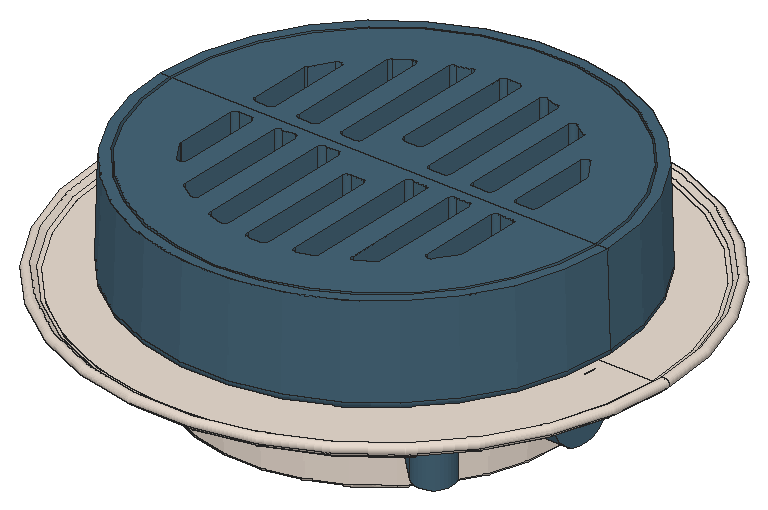
Revit family "Drain_Floor_Heavy_Duty-Zurn-FD2350", category Plumbing Fixtures, Revit 2022
Family settings
  Round Connector Dimension = Use Radius
  Part Type = Normal
  OmniClass Number = 23.45.55.21
  OmniClass Title = Drains (Wastes)
  Work Plane-Based = No
  Always vertical = Yes
  Cut with Voids When Loaded = No
  Maintain Annotation Orientation = No
  Shared = No
  Room Calculation Point = No
Parameters (values of type "FD2350-AB2-2 Inch Outlet")
  Width = 11.438"  # constant formula
  Waste Connection = 0 = 0  # yes
  WFU = 1  # constant formula
  Vent Connection = 0 = 1  # no
  URL = "www.zurn.com"
  Type Comments = ""
  Top Diameter = 9.000"  # constant formula
  Product data url = "https://www.bimobject.com/en/zurnindustries/product/zurn-fd2350-pv4"
  Product Page URL = "https://www.zurn.com/products/drainage-interceptors/floor-drains/area-drains/fd2350"
  Product Documentation Link = "https://files.zurn.com/spec-sheets/fd2350.pdf"
  Connector Radius = [A_ Pipe Size (Nominal)] / 2  # 1.000"
  A_ Pipe Size (Nominal) = 2.000"
  A_ Pipe Size (Actual-Outer) = 2.375"
  P Trap Primer Connetor = 0.250"  # constant formula
  Modified Date = "11/21/2025"  # constant formula
  Model = "FD2350"  # constant formula
  Manufacurer Brand = "Zurn"  # constant formula
  Manufacturer = "Zurn Water, LLC"  # constant formula
  Body = Acrylonitrile Butadiene Styrene - Zurn - Polished
  Body Height (D) = 2.969"
  HWFU = 0  # constant formula
  HW Connection = 0 = 1  # no
  Description = "Heavy-Duty Floor Drain"  # constant formula
  Default Elevation = 25.000"  # constant formula
  Date Created = "11/13/2018"  # constant formula
  CWFU = 0  # constant formula
  Main Material = Iron - Zurn - Cast - Painted - Blue
  CW Connection = 0 = 1  # no
  Frame Dimension = 1.938"  # constant formula
  Assembly Code = "D2030300"
  A_ Pipe Size (Actual-Inner) = 2.067"
Types (7): name | Connector Radius | A_ Pipe Size (Nominal) | A_ Pipe Size (Actual-Outer) | Body | Body Height (D) | Main Material | A_ Pipe Size (Actual-Inner)
  (no name) | 1.000" | 2.000" | 2.375" | Acrylonitrile Butadiene Styrene - Zurn - Polished | 2.969" | Iron - Zurn - Cast - Painted - Blue | 2.067"
  FD2350-PV2-2 Inch Outlet | 1.000" | 2.000" | 2.375" | Polyvinyl Chloride - Zurn - Polished | 2.969" | Iron - Zurn - Cast - Painted - Blue | 2.067"
  FD2350-PV3-3 Inch Outlet | 1.500" | 3.000" | 3.500" | Polyvinyl Chloride - Zurn - Polished | 3.688" | Iron - Zurn - Cast - Painted - Blue | 3.068"
  FD2350-PV4-4 Inch Outlet | 2.000" | 4.000" | 4.500" | Polyvinyl Chloride - Zurn - Polished | 3.813" | Iron - Zurn -Cast - Painted - Blue | 4.026"
  FD2350-AB2-2 Inch Outlet | 1.000" | 2.000" | 2.375" | Acrylonitrile Butadiene Styrene - Zurn - Polished | 2.969" | Iron - Zurn - Cast - Painted - Blue | 2.067"
  FD2350-AB3-3 Inch Outlet | 1.500" | 3.000" | 3.500" | Acrylonitrile Butadiene Styrene - Zurn - Polished | 3.688" | Iron - Zurn - Cast - Painted - Blue | 3.068"
  FD2350-AB4-4 Inch Outlet | 2.000" | 4.000" | 4.500" | Acrylonitrile Butadiene Styrene - Zurn - Polished | 3.813" | Iron - Zurn -Cast - Painted - Blue | 4.026"
Reference planes (in)
  plane 1 "Center (Front/Back)": y = 0
  plane 2: z = 0
  plane 3 "Center (Left/Right)": x = 0
  plane 4: z = -4.907
  plane 5: x = -1.1875
  plane 6: x = 1.1875
  plane 7: y = -0.75
  plane 8: y = 0.75
  plane 9: y = -0.25
  plane 10: y = 0.25
  plane 11: z = -2.95164
  plane 12: z = 0
  plane 13: x = -5.719
  plane 14: x = 5.719
  plane 15: z = -1.938
  plane 16: z = -3.89
  plane 17: x = -4.5
  plane 18: x = 4.5
  plane 19: z = -1.624
  plane 20: x = 3
  plane 21: x = 4
  plane 22: y = 4.5
  plane 23: y = -4.5
  plane 24: z = -2.875
  plane 25: z = -3.125
  plane 26: z = -3.375
  plane 27: y = 3.53363
  plane 28: y = -3.53363
  plane 29: x = 3.07273
  plane 30: y = 3.52127
  plane 31: through (-5.12659, -4.24924, 48) normal (-0.7116, 0.7026, 0)
  plane 32: through (-5.68775, -5.88504, 48) normal (-0.7116, 0.7026, 0)
  plane 33: through (-5.719, 5.66767, 48) normal (0.7116, 0.7026, 0)
  plane 34: through (-4.2264, 5.22343, 48) normal (0.7116, 0.7026, 0)
  plane 35: through (-3.06614, 3.70991, 48) normal (0.9994, -0.0349, 0)
  plane 36: y = 3.52127
  plane 37: through (-3.12844, 1.92587, 48) normal (-0.7026, 0.7116, 0)
  plane 38: through (0.95851, 4.06839, 48) normal (0.7026, 0.7116, 0)
  plane 39: x = -3.39342
  plane 40: y = -3.02762
  plane 41: y = -3.13247
  plane 42: x = 3.49694
  plane 43: y = 1.1875
  plane 44: y = -1.1875
  plane 45: x = -4.256
  plane 46: x = 4.256
  plane 47: x = -1.41867
  plane 48: x = -2.83733
  plane 49: x = 1.41867
  plane 50: x = 2.83733
Forms (in)
  Extrusion 1, solid, material "Acrylonitrile Butadiene Styrene - Zurn - Polished" <- "Body", detail levels fine
    sketch origin (0, 0, 0) x (1, 0, 0) y (0, 1, 0)
      loop
        circle (0, 0) r 1.1875
    from -3.89 to -4.907
  Extrusion 2, solid, material "Iron - Zurn - Cast - Painted - Blue" <- "Main Material", detail levels fine
    sketch origin (0, 0, 0) x (0, 1, 0) y (0, 0, 1)
      loop
        arc (-0.75, -2.95164) -> (0, -3.70164) -> (0.75, -2.95164) r 0.75
        line (0.75, -2.95164) -> (0.75, -2.25) -> (-0.75, -2.25) -> (-0.75, -2.95164)
      loop
        circle (0, -3.125) r 0.25
    from 3 to 4
  Extrusion 3, void
    sketch origin (0, 0, 0) x (0, 1, 0) y (1, 0, 0)
      loop
        circle (0, 0) r 1.0335
    from 3.89 to 4.907
  Revolve 4, solid, material "Iron - Zurn - Cast - Painted - Blue" <- "Main Material", detail levels fine
    sketch origin (0, 0, 0) x (1, 0, 0) y (0, 0, 1)
      loop
        line (-4.50016, 0) -> (-4.55502, -1.81035)
        arc (-4.55502, -1.81035) -> (-4.5201, -1.90037) -> (-4.43118, -1.938) r 0.1239
        line (-4.43118, -1.938) -> (0, -1.938) -> (0, -1.624) -> (-4.08677, -1.624)
        arc (-4.08677, -1.624) -> (-4.17389, -1.58882) -> (-4.21215, -1.50301) r 0.12547
        line (-4.21215, -1.50301) -> (-4.24567, -0.5646) -> (-4.30347, -0.5646) -> (-4.30347, 0) -> (-4.50016, 0)
      axis (0, 0) -> (0, -1.938)
    angle from 0 to 360
  Revolve 5, solid, material "Acrylonitrile Butadiene Styrene - Zurn - Polished" <- "Body", detail levels fine
    sketch origin (0, 0, 0) x (1, 0, 0) y (0, 0, 1)
      loop
        line (0, -2.06459) -> (-5.39193, -2.06459)
        arc (-5.39193, -2.06459) -> (-5.43327, -2.05752) -> (-5.46992, -2.03713) r 0.12447
        line (-5.46992, -2.03713) -> (-5.56609, -1.95981)
        arc (-5.56609, -1.95981) -> (-5.69778, -1.97358) -> (-5.68507, -2.10538) r 0.09401
        line (-5.68507, -2.10538) -> (-5.53687, -2.22852)
        arc (-5.53687, -2.22852) -> (-5.5054, -2.24653) -> (-5.46968, -2.25278) r 0.10513
        line (-5.46968, -2.25278) -> (-4.29189, -2.25278)
        arc (-4.29189, -2.25278) -> (-4.22232, -2.27721) -> (-4.18327, -2.33975) r 0.11132
        arc (-4.18327, -2.33975) -> (-4.13782, -2.41256) -> (-4.05684, -2.44098) r 0.12956
        line (-4.05684, -2.44098) -> (-3.74711, -2.44098)
        arc (-3.74711, -2.44098) -> (-3.6612, -2.47526) -> (-3.62248, -2.55925) r 0.1248
        line (-3.62248, -2.55925) -> (-3.55426, -3.86091)
        arc (-3.55426, -3.86091) -> (-3.54474, -3.88157) -> (-3.52361, -3.89) r 0.0307
        line (-3.52361, -3.89) -> (0, -3.89) -> (0, -2.06459)
      axis (0, -3.89) -> (0, -1.95981)
    angle from 0 to 360
  Extrusion 6, solid, material "Iron - Zurn - Cast - Painted - Blue" <- "Main Material", detail levels fine
    sketch origin (-0.03068, 1.21545, 0.05889) x (1, 0, 0) y (0, 1, 0)
      loop
        arc (3.37026, 2.04234) -> (3.36689, 2.57266) -> (2.83657, 2.56929) r 0.375
        line (2.83657, 2.56929) -> (2.06643, 1.7893) -> (2.60013, 1.26236) -> (3.37026, 2.04234)
      loop
        line (-3.3089, 2.04234) -> (-2.53876, 1.26236) -> (-2.00507, 1.7893) -> (-2.77521, 2.56929)
        arc (-2.77521, 2.56929) -> (-3.30552, 2.57266) -> (-3.3089, 2.04234) r 0.375
      loop
        line (-3.09589, -4.50655) -> (-2.32139, -3.72214) -> (-2.84168, -3.18162) -> (-3.62958, -3.9796)
        arc (-3.62958, -3.9796) -> (-3.62621, -4.50992) -> (-3.09589, -4.50655) r 0.375
      loop
        arc (3.26077, -4.61139) -> (3.79109, -4.61476) -> (3.79446, -4.08445) r 0.375
        line (3.79446, -4.08445) -> (3.02986, -3.31005) -> (2.50957, -3.85058) -> (3.26077, -4.61139)
    from -3.18389 to -2.25
Cuts and joins
  Extrusion 3 cuts Extrusion 1
Lines and regions (in)
  Masking region 1, detail levels fine
    outline origin (0, 0, 0) x (1, 0, 0) y (0, 1, 0)
      loop
        circle (0, 0) r 5.719
  model lines
    curve 1: circle (0, 0, 0) r 4.50016 normal (0, 0, 1)
    curve 2: circle (0, 0, 0) r 4.256 normal (0, 0, 1)
    curve 3: line (0, 0, 0) -> (0, 0, -4.907)
    curve 4: line (-1.1875, 0, -4.907) -> (1.1875, 0, -4.907)
    curve 5: line (0, 1.1875, -4.907) -> (0, -1.1875, -4.907)
    curve 12: line (4, 0, -2.875) -> (4, 0, -3.375)
  model lines, detail levels coarse+medium
    curve 6: line (-2.83733, 3.17224, 0) -> (-2.83733, -3.17224, 0)
    curve 7: line (-1.41867, 4.0126, 0) -> (-1.41867, -4.0126, 0)
    curve 8: line (0, 4.256, 0) -> (0, -4.256, 0)
    curve 9: line (2.83733, 3.17224, 0) -> (2.83733, -3.17224, 0)
    curve 10: line (1.41867, 4.0126, 0) -> (1.41867, -4.0126, 0)
    curve 11: line (0, 0, -3.125) -> (4, 0, -3.125)
    curve 13: line (4, 0.25, -3.125) -> (4, -0.25, -3.125)
Dimensions and locks (in)
  equal spacing: plane 6, plane 3 "Center (Left/Right)", plane 5
  "A_ Pipe Size (Actual-Outer)": plane 6 to plane 5
  plane 9 to plane 1 "Center (Front/Back)" = 0.250"
  plane 1 "Center (Front/Back)" to plane 10 = 0.250"
  equal spacing: plane 14, plane 3 "Center (Left/Right)", plane 13
  "Width": plane 14 to plane 13
  "Frame Dimension": level to plane 15
  "Body Height (D)": plane 15 to plane 4
  locked: plane 15 to plane 16 at 1.952
  plane 16 to plane 4 = 1.017"
  equal spacing: plane 18, plane 3 "Center (Left/Right)", plane 17
  "Top Diameter": plane 18 to plane 17
  plane 19 to plane 15 = 0.314"
  plane 18 to plane 20 = 1.500"
  plane 21 to plane 20 = 1.000"
  plane 13 to plane 14 = 11.438"
  equal spacing: plane 22, plane 1 "Center (Front/Back)", plane 23
  plane 22 to plane 23 = 9.000"
  plane 24 to plane 25 = 0.250"
  plane 25 to plane 26 = 0.250"
  equal spacing: plane 27, plane 1 "Center (Front/Back)", plane 28
  plane 27 to plane 1 "Center (Front/Back)" = 3.53363"
  equal spacing: plane 43, plane 1 "Center (Front/Back)", plane 44
  "A_ Pipe Size (Actual-Outer)": plane 43 to plane 44
  equal spacing: plane 45, plane 3 "Center (Left/Right)", plane 46
  plane 45 to plane 3 "Center (Left/Right)" = 4.256"
  equal spacing: plane 45, plane 48, plane 47, plane 3 "Center (Left/Right)"
  equal spacing: plane 3 "Center (Left/Right)", plane 49, plane 50, plane 46
  "P Trap Primer Connetor": plane 24 to plane 25
  "P Trap Primer Connetor": plane 25 to plane 26
  "A_ Pipe Size (Actual-Outer)": diameter of Extrusion 1 sketch curve
  "A_ Pipe Size (Actual-Inner)": diameter of Extrusion 3 sketch curve
  radius of Extrusion 2 sketch curve = 0.250"
  "P Trap Primer Connetor": radius of Extrusion 2 sketch curve
  aligned and locked: plane 2 to level
  aligned and locked: plane 3 "Center (Left/Right)" to Extrusion 1 sketch curve
  aligned and locked: plane 1 "Center (Front/Back)" to Extrusion 1 sketch curve
  aligned and locked: Extrusion 1 to plane 4
  aligned and locked: plane 1 "Center (Front/Back)" to Extrusion 2 sketch curve  (x2)
  aligned and locked: plane 7 to Extrusion 2 sketch curve
  aligned and locked: plane 11 to Extrusion 2 sketch curve
  aligned and locked: plane 16 to Extrusion 1
  aligned and locked: Revolve 4 sketch curve to plane 15
  aligned and locked: Revolve 4 sketch curve to plane 19
  aligned and locked: plane 3 "Center (Left/Right)" to Revolve 4 sketch curve
  aligned and locked: level to Revolve 4 sketch curve
  aligned and locked: plane 16 to Revolve 5 sketch curve
  aligned and locked: Revolve 5 sketch curve to plane 3 "Center (Left/Right)"
  aligned and locked: Extrusion 1 to Extrusion 3
  aligned and locked: Extrusion 3 to plane 4
  aligned and locked: Extrusion 2 to plane 20
  aligned and locked: plane 21 to Extrusion 2
  aligned and locked: plane 1 "Center (Front/Back)" to nested 1
  aligned and locked: plane 3 "Center (Left/Right)" to nested 1
  aligned and locked: plane 29 to Extrusion 6 sketch curve
  aligned and locked: plane 30 to Extrusion 6 sketch curve
  aligned and locked: plane 31 to Extrusion 6 sketch curve
  aligned and locked: plane 33 to Extrusion 6 sketch curve
  aligned and locked: plane 35 to Extrusion 6 sketch curve
  aligned and locked: plane 36 to Extrusion 6 sketch curve
  aligned and locked: plane 37 to Extrusion 6 sketch curve
  aligned and locked: plane 38 to Extrusion 6 sketch curve
  aligned and locked: Extrusion 6 sketch curve to plane 31
  aligned and locked: Extrusion 6 sketch curve to plane 32
  aligned and locked: plane 39 to Extrusion 6 sketch curve
  aligned and locked: plane 40 to Extrusion 6 sketch curve
  aligned and locked: plane 34 to Extrusion 6 sketch curve
  aligned and locked: plane 42 to Extrusion 6 sketch curve
  aligned and locked: plane 41 to Extrusion 6 sketch curve
  aligned and locked: plane 3 "Center (Left/Right)" to curve 1
  aligned and locked: plane 1 "Center (Front/Back)" to curve 1
  aligned and locked: plane 3 "Center (Left/Right)" to curve 2
  aligned and locked: plane 1 "Center (Front/Back)" to curve 2
  aligned and locked: level to curve 3
  aligned and locked: plane 4 to curve 3
  aligned and locked: curve 3 to plane 1 "Center (Front/Back)"
  aligned and locked: plane 5 to curve 4
  aligned and locked: plane 6 to curve 4
  aligned and locked: curve 4 to plane 4
  aligned and locked: plane 43 to curve 5
  aligned and locked: plane 44 to curve 5
  aligned and locked: curve 5 to plane 4
  aligned and locked: curve 6 to plane 48
  aligned and locked: curve 7 to plane 47
  aligned and locked: curve 8 to plane 3 "Center (Left/Right)"
  aligned and locked: plane 49 to curve 10
  aligned and locked: plane 50 to curve 9
  aligned and locked: plane 21 to curve 11
  aligned and locked: plane 3 "Center (Left/Right)" to curve 11
  aligned and locked: curve 11 to plane 25
  aligned and locked: plane 24 to curve 12
  aligned and locked: plane 26 to curve 12
  aligned and locked: curve 12 to plane 21
  aligned and locked: plane 10 to curve 13
  aligned and locked: plane 9 to curve 13
  aligned and locked: curve 13 to plane 25
  aligned and locked: plane 3 "Center (Left/Right)" to Masking region 1 sketch curve
  aligned and locked: plane 1 "Center (Front/Back)" to Masking region 1 sketch curve
Automatic sketch dimensions
  Extrusion 6 sketch curve to plane 33 = 0.000"
  plane 39 to Extrusion 6 sketch curve = 0.52105"
  plane 40 to Extrusion 6 sketch curve = 0.52093"
  plane 40 to Extrusion 6 sketch curve = 0.3925"
  Extrusion 6 sketch curve to plane 29 = 0.07356"
  Revolve 4 sketch curve to plane 3 "Center (Left/Right)" = 0.000"
  plane 45 to Revolve 4 sketch curve = 0.16923"
  plane 45 to Revolve 4 sketch curve = 0.04385"
  plane 45 to Revolve 4 sketch curve = 0.01033"
  Revolve 4 sketch curve to plane 45 = 0.04747"
  plane 17 to Revolve 4 sketch curve = 0.06882"
  Revolve 4 sketch curve to plane 17 = 0.00016"
  Revolve 4 sketch curve to plane 17 = 0.05502"
  Revolve 4 sketch curve to Revolve 4 sketch curve = 0.12099"
  plane 4 to Revolve 4 sketch curve = 0.407"
  level to Revolve 4 sketch curve = 1.000"
  Revolve 5 sketch curve to plane 3 "Center (Left/Right)" = 0.000"
  plane 16 to Revolve 5 sketch curve = 0.0307"
  Revolve 5 sketch curve to plane 48 = 0.68627"
  plane 16 to Revolve 5 sketch curve = 0.02909"
  Revolve 5 sketch curve to plane 24 = 0.31575"
  plane 45 to Revolve 5 sketch curve = 0.63352"
  Revolve 5 sketch curve to Revolve 5 sketch curve = 0.12463"
  plane 45 to Revolve 5 sketch curve = 0.19916"
  Revolve 5 sketch curve to plane 45 = 0.03589"
  Revolve 5 sketch curve to plane 15 = 0.00212"
  plane 13 to Revolve 5 sketch curve = 0.32707"
  Revolve 5 sketch curve to Revolve 5 sketch curve = 0.07775"
  Revolve 5 sketch curve to plane 15 = 0.09913"
  Revolve 5 sketch curve to Revolve 5 sketch curve = 0.07799"
  Revolve 5 sketch curve to Revolve 5 sketch curve = 0.06718"
  Revolve 5 sketch curve to plane 15 = 0.02181"
  Revolve 5 sketch curve to Revolve 5 sketch curve = 0.09617"
  Revolve 5 sketch curve to Revolve 5 sketch curve = 0.0589"
  plane 13 to Revolve 5 sketch curve = 0.03393"
  Revolve 5 sketch curve to Revolve 5 sketch curve = 0.00653"
  Revolve 5 sketch curve to Revolve 5 sketch curve = 0.07688"
  Revolve 5 sketch curve to Revolve 5 sketch curve = 0.12956"
  Revolve 5 sketch curve to Revolve 5 sketch curve = 0.1882"
  Revolve 5 sketch curve to Revolve 5 sketch curve = 0.02427"
  Revolve 5 sketch curve to plane 15 = 0.16738"
  Revolve 5 sketch curve to plane 4 = 0.983"
  plane 15 to Revolve 5 sketch curve = 0.798"
  curve 9 to plane 28 = 0.3614"
  Extrusion 2 sketch curve to plane 25 = 0.000"
  Extrusion 2 sketch curve to plane 15 = 0.312"
  plane 1 "Center (Front/Back)" to Extrusion 3 sketch curve = 0.000"
  Extrusion 3 sketch curve to plane 3 "Center (Left/Right)" = 0.000"
  radius of curve 1 = 4.50016"
  radius of Masking region 1 sketch curve = 5.719"
Nested families (in)
  nested 1: "Grate" at (0, 0, 0), Grate <- "Main Material", type "Grate", detail levels fine
    with Grate Iron - Zurn - Cast - Painted - Blue
Connectors (in)
  piping at (0, 0, -4.907), diameter 2, driven by "Connector Radius", driven by "Waste Connection"
    settings: on cut or joined group of Extrusion 1, Extrusion 3, index 1, connector inside diameter 24", connector length 0.000", flow factor 0, pipe flow 0 GPM, pressure drop 0.00 psi, fitting loss kfactor 0, connector angle 0.00°, fixture units 0, engagement length 0.000", angle of deflection 0.00°, flow configuration 0, flow direction 2, fitting loss method 0, system type 16, joint type 0, gender type 0, connector reference index -1, connector utility 1, adjustable connector no, is connector primary yes, connector description "Outlet Connection"
  piping at (4, 0, -3.125), diameter 0.5, driven by "P Trap Primer Connetor", driven by "CW Connection"
    settings: on Extrusion 2, index 2, connector inside diameter 24", connector length 0.000", flow factor 0, pipe flow 0 GPM, pressure drop 0.00 psi, fitting loss kfactor 0, connector angle 0.00°, fixture units 0, engagement length 0.000", angle of deflection 0.00°, flow configuration 0, flow direction 1, fitting loss method 0, system type 20, joint type 0, gender type 0, connector reference index -1, connector utility 0, adjustable connector no, is connector primary no, connector description "Optional trap Primer"
Definition of nested family "Grate"
  Parameters (values of type "Grate")
    URL = "www.zurn.com"
    Product data url = ""
    Product Page URL = ""
    Product Installation Sheet URL = ""
    Product Documentation Link = ""
    Modified Date = ""
    Manufacurer Brand = "Zurn"  # constant formula
    Manufacturer = "Zurn Water, LLC"  # constant formula
    Grate [instance] = none
    Default Elevation = 0.000"
    Date Created = ""
    Approx. Weight (Lbs) = 0.000"
  Reference planes (in)
    plane 1 "Center (Front/Back)": y = 0
    plane 2: z = 0
    plane 3 "Center (Left/Right)": x = 0
    plane 4: x = -4.256
    plane 5: x = 4.256
    plane 6: y = 4.256
    plane 7: y = -4.256
    plane 8: z = -1.757
    plane 9: z = -0.93878
  Forms (in)
    Revolve 1, solid, material <- "Grate"
      sketch origin (0, 0, 0) x (1, 0, 0) y (0, 0, 1)
        loop
          line (-4.256, 0) -> (-4.256, -0.50186)
          arc (-4.256, -0.50186) -> (-4.2127, -0.51903) -> (-4.19317, -0.56131) r 0.06273
          line (-4.19317, -0.56131) -> (-4.13105, -1.74672)
          arc (-4.13105, -1.74672) -> (-4.10724, -1.75404) -> (-4.08245, -1.75652) r 0.12547
          line (-4.08245, -1.75652) -> (0, -1.75652) -> (0, 0) -> (-4.256, 0)
        axis (0, 0) -> (0, -1.75652)
      angle from 0 to 360
    Extrusion 2, void
      sketch origin (0, 0, 0) x (1, 0, 0) y (0, 1, 0)
        loop
          arc (-2.84756, 0.30691) -> (-2.8196, 0.23943) -> (-2.75213, 0.21147) r 0.09543
          line (-2.75213, 0.21147) -> (-2.50213, 0.21147)
          arc (-2.50213, 0.21147) -> (-2.43465, 0.23943) -> (-2.40669, 0.30691) r 0.09543
          line (-2.40669, 0.30691) -> (-2.40669, 1.92104)
          arc (-2.40669, 1.92104) -> (-2.47136, 2.01137) -> (-2.57771, 1.97929) r 0.09543
          arc (-2.57771, 1.97929) -> (-2.71348, 1.78939) -> (-2.83527, 1.59024) r 3.25168
          arc (-2.83527, 1.59024) -> (-2.84443, 1.56762) -> (-2.84756, 1.54341) r 0.09543
          line (-2.84756, 1.54341) -> (-2.84756, 0.30691)
        loop
          arc (-1.97256, 0.30691) -> (-1.9446, 0.23943) -> (-1.87713, 0.21147) r 0.09543
          line (-1.87713, 0.21147) -> (-1.62713, 0.21147)
          arc (-1.62713, 0.21147) -> (-1.55965, 0.23943) -> (-1.53169, 0.30691) r 0.09543
          line (-1.53169, 0.30691) -> (-1.53169, 2.70019)
          arc (-1.53169, 2.70019) -> (-1.58012, 2.78325) -> (-1.67626, 2.782) r 0.09543
          arc (-1.67626, 2.782) -> (-1.80708, 2.69913) -> (-1.93382, 2.61013) r 3.25168
          arc (-1.93382, 2.61013) -> (-1.96232, 2.57635) -> (-1.97256, 2.53336) r 0.09543
          line (-1.97256, 2.53336) -> (-1.97256, 0.30691)
        loop
          arc (-1.09756, 0.30691) -> (-1.0696, 0.23943) -> (-1.00213, 0.21147) r 0.09543
          line (-1.00213, 0.21147) -> (-0.75213, 0.21147)
          arc (-0.75213, 0.21147) -> (-0.68465, 0.23943) -> (-0.65669, 0.30691) r 0.09543
          line (-0.65669, 0.30691) -> (-0.65669, 3.06025)
          arc (-0.65669, 3.06025) -> (-0.69321, 3.13532) -> (-0.7748, 3.15295) r 0.09543
          arc (-0.7748, 3.15295) -> (-0.90435, 3.11841) -> (-1.03236, 3.07857) r 3.25168
          arc (-1.03236, 3.07857) -> (-1.07956, 3.04383) -> (-1.09756, 2.98805) r 0.09543
          line (-1.09756, 2.98805) -> (-1.09756, 0.30691)
        loop
          arc (-0.22256, 0.77566) -> (-0.1946, 0.70818) -> (-0.12713, 0.68022) r 0.09543
          line (-0.12713, 0.68022) -> (0.12287, 0.68022)
          arc (0.12287, 0.68022) -> (0.19035, 0.70818) -> (0.21831, 0.77566) r 0.09543
          line (0.21831, 0.77566) -> (0.21831, 3.14818)
          arc (0.21831, 3.14818) -> (0.19168, 3.21431) -> (0.12665, 3.24353) r 0.09543
          arc (0.12665, 3.24353) -> (-0.00213, 3.24609) -> (-0.1309, 3.24353) r 3.25168
          arc (-0.1309, 3.24353) -> (-0.19593, 3.21431) -> (-0.22256, 3.14818) r 0.09543
          line (-0.22256, 3.14818) -> (-0.22256, 0.77566)
        loop
          arc (0.65244, 0.30691) -> (0.6804, 0.23943) -> (0.74787, 0.21147) r 0.09543
          line (0.74787, 0.21147) -> (0.99787, 0.21147)
          arc (0.99787, 0.21147) -> (1.06535, 0.23943) -> (1.09331, 0.30691) r 0.09543
          line (1.09331, 0.30691) -> (1.09331, 2.98805)
          arc (1.09331, 2.98805) -> (1.07531, 3.04383) -> (1.02811, 3.07857) r 0.09543
          arc (1.02811, 3.07857) -> (0.9001, 3.11841) -> (0.77055, 3.15295) r 3.25168
          arc (0.77055, 3.15295) -> (0.68896, 3.13532) -> (0.65244, 3.06025) r 0.09543
          line (0.65244, 3.06025) -> (0.65244, 0.30691)
        loop
          arc (1.52744, 0.30691) -> (1.5554, 0.23943) -> (1.62287, 0.21147) r 0.09543
          line (1.62287, 0.21147) -> (1.87287, 0.21147)
          arc (1.87287, 0.21147) -> (1.94035, 0.23943) -> (1.96831, 0.30691) r 0.09543
          line (1.96831, 0.30691) -> (1.96831, 2.53336)
          arc (1.96831, 2.53336) -> (1.95807, 2.57635) -> (1.92957, 2.61013) r 0.09543
          arc (1.92957, 2.61013) -> (1.80283, 2.69913) -> (1.67201, 2.782) r 3.25168
          arc (1.67201, 2.782) -> (1.57587, 2.78325) -> (1.52744, 2.70019) r 0.09543
          line (1.52744, 2.70019) -> (1.52744, 0.30691)
        loop
          arc (2.40244, 0.30691) -> (2.4304, 0.23943) -> (2.49787, 0.21147) r 0.09543
          line (2.49787, 0.21147) -> (2.74787, 0.21147)
          arc (2.74787, 0.21147) -> (2.81535, 0.23943) -> (2.84331, 0.30691) r 0.09543
          line (2.84331, 0.30691) -> (2.84331, 1.54341)
          arc (2.84331, 1.54341) -> (2.84018, 1.56762) -> (2.83102, 1.59024) r 0.09543
          arc (2.83102, 1.59024) -> (2.70923, 1.78939) -> (2.57346, 1.97929) r 3.25168
          arc (2.57346, 1.97929) -> (2.46711, 2.01137) -> (2.40244, 1.92104) r 0.09543
          line (2.40244, 1.92104) -> (2.40244, 0.30691)
        loop
          arc (1.09331, -0.31809) -> (1.06535, -0.25062) -> (0.99787, -0.22266) r 0.09543
          line (0.99787, -0.22266) -> (0.74787, -0.22266)
          arc (0.74787, -0.22266) -> (0.6804, -0.25062) -> (0.65244, -0.31809) r 0.09543
          line (0.65244, -0.31809) -> (0.65244, -3.07144)
          arc (0.65244, -3.07144) -> (0.68896, -3.14651) -> (0.77055, -3.16414) r 0.09543
          arc (0.77055, -3.16414) -> (0.9001, -3.1296) -> (1.02811, -3.08975) r 3.25168
          arc (1.02811, -3.08975) -> (1.07531, -3.05501) -> (1.09331, -2.99924) r 0.09543
          line (1.09331, -2.99924) -> (1.09331, -0.31809)
        loop
          arc (1.52744, -2.71138) -> (1.57587, -2.79444) -> (1.67201, -2.79319) r 0.09543
          arc (1.67201, -2.79319) -> (1.80283, -2.71032) -> (1.92957, -2.62132) r 3.25168
          arc (1.92957, -2.62132) -> (1.95807, -2.58754) -> (1.96831, -2.54455) r 0.09543
          line (1.96831, -2.54455) -> (1.96831, -0.31809)
          arc (1.96831, -0.31809) -> (1.94035, -0.25062) -> (1.87287, -0.22266) r 0.09543
          line (1.87287, -0.22266) -> (1.62287, -0.22266)
          arc (1.62287, -0.22266) -> (1.5554, -0.25062) -> (1.52744, -0.31809) r 0.09543
          line (1.52744, -0.31809) -> (1.52744, -2.71138)
        loop
          arc (2.40244, -1.93223) -> (2.46711, -2.02256) -> (2.57346, -1.99048) r 0.09543
          arc (2.57346, -1.99048) -> (2.70923, -1.80058) -> (2.83102, -1.60143) r 3.25168
          arc (2.83102, -1.60143) -> (2.84018, -1.57881) -> (2.84331, -1.5546) r 0.09543
          line (2.84331, -1.5546) -> (2.84331, -0.31809)
          arc (2.84331, -0.31809) -> (2.81535, -0.25062) -> (2.74787, -0.22266) r 0.09543
          line (2.74787, -0.22266) -> (2.49787, -0.22266)
          arc (2.49787, -0.22266) -> (2.4304, -0.25062) -> (2.40244, -0.31809) r 0.09543
          line (2.40244, -0.31809) -> (2.40244, -1.93223)
        loop
          arc (0.21831, -0.78684) -> (0.19035, -0.71937) -> (0.12287, -0.69141) r 0.09543
          line (0.12287, -0.69141) -> (-0.12713, -0.69141)
          arc (-0.12713, -0.69141) -> (-0.1946, -0.71937) -> (-0.22256, -0.78684) r 0.09543
          line (-0.22256, -0.78684) -> (-0.22256, -3.15937)
          arc (-0.22256, -3.15937) -> (-0.19593, -3.2255) -> (-0.1309, -3.25472) r 0.09543
          arc (-0.1309, -3.25472) -> (-0.00213, -3.25728) -> (0.12665, -3.25472) r 3.25168
          arc (0.12665, -3.25472) -> (0.19168, -3.2255) -> (0.21831, -3.15937) r 0.09543
          line (0.21831, -3.15937) -> (0.21831, -0.78684)
        loop
          arc (-0.65669, -0.31809) -> (-0.68465, -0.25062) -> (-0.75213, -0.22266) r 0.09543
          line (-0.75213, -0.22266) -> (-1.00213, -0.22266)
          arc (-1.00213, -0.22266) -> (-1.0696, -0.25062) -> (-1.09756, -0.31809) r 0.09543
          line (-1.09756, -0.31809) -> (-1.09756, -2.99924)
          arc (-1.09756, -2.99924) -> (-1.07956, -3.05501) -> (-1.03236, -3.08975) r 0.09543
          arc (-1.03236, -3.08975) -> (-0.90435, -3.1296) -> (-0.7748, -3.16414) r 3.25168
          arc (-0.7748, -3.16414) -> (-0.69321, -3.14651) -> (-0.65669, -3.07144) r 0.09543
          line (-0.65669, -3.07144) -> (-0.65669, -0.31809)
        loop
          arc (-1.53169, -0.31809) -> (-1.55965, -0.25062) -> (-1.62713, -0.22266) r 0.09543
          line (-1.62713, -0.22266) -> (-1.87713, -0.22266)
          arc (-1.87713, -0.22266) -> (-1.9446, -0.25062) -> (-1.97256, -0.31809) r 0.09543
          line (-1.97256, -0.31809) -> (-1.97256, -2.54455)
          arc (-1.97256, -2.54455) -> (-1.96232, -2.58754) -> (-1.93382, -2.62132) r 0.09543
          arc (-1.93382, -2.62132) -> (-1.80708, -2.71032) -> (-1.67626, -2.79319) r 3.25168
          arc (-1.67626, -2.79319) -> (-1.58012, -2.79444) -> (-1.53169, -2.71138) r 0.09543
          line (-1.53169, -2.71138) -> (-1.53169, -0.31809)
        loop
          arc (-2.40669, -0.31809) -> (-2.43465, -0.25062) -> (-2.50213, -0.22266) r 0.09543
          line (-2.50213, -0.22266) -> (-2.75213, -0.22266)
          arc (-2.75213, -0.22266) -> (-2.8196, -0.25062) -> (-2.84756, -0.31809) r 0.09543
          line (-2.84756, -0.31809) -> (-2.84756, -1.5546)
          arc (-2.84756, -1.5546) -> (-2.84443, -1.57881) -> (-2.83527, -1.60143) r 0.09543
          arc (-2.83527, -1.60143) -> (-2.71348, -1.80058) -> (-2.57771, -1.99048) r 3.25168
          arc (-2.57771, -1.99048) -> (-2.47136, -2.02256) -> (-2.40669, -1.93223) r 0.09543
          line (-2.40669, -1.93223) -> (-2.40669, -0.31809)
      from -0.93878 to 0
  Cuts and joins
    Extrusion 2 cuts Revolve 1
  Dimensions and locks (in)
    equal spacing: plane 4, plane 3 "Center (Left/Right)", plane 5
    plane 4 to plane 3 "Center (Left/Right)" = 4.256"
    plane 4 to plane 5 = 8.512"
    plane 5 to plane 4 = 8.512"
    equal spacing: plane 6, plane 1 "Center (Front/Back)", plane 7
    plane 1 "Center (Front/Back)" to plane 7 = 4.256"
    plane 6 to plane 7 = 8.512"
    level to plane 8 = 1.757"
    aligned and locked: plane 2 to level
    aligned and locked: level to Revolve 1 sketch curve
    aligned and locked: Revolve 1 sketch curve to plane 3 "Center (Left/Right)"
    aligned and locked: Revolve 1 sketch curve to plane 4
    aligned and locked: Extrusion 2 to plane 9
    aligned and locked: level to Extrusion 2
  Automatic sketch dimensions
    Revolve 1 sketch curve to plane 3 "Center (Left/Right)" = 0.000"
    plane 4 to Revolve 1 sketch curve = 0.00018"
    Revolve 1 sketch curve to Revolve 1 sketch curve = 0.06265"
    plane 8 to Revolve 1 sketch curve = 0.01028"
    plane 4 to Revolve 1 sketch curve = 0.12495"
    Revolve 1 sketch curve to Revolve 1 sketch curve = 0.0486"
    plane 8 to Revolve 1 sketch curve = 0.00048"
    Revolve 1 sketch curve to level = 0.5646"
    Revolve 1 sketch curve to Revolve 1 sketch curve = 0.00328"
    Revolve 1 sketch curve to plane 8 = 1.89042"
    level to Revolve 1 sketch curve = 0.85258"
    Extrusion 2 sketch curve to Extrusion 2 sketch curve = 0.000"  (x200)
    Extrusion 2 sketch curve to plane 1 "Center (Front/Back)" = 0.30691"
    plane 4 to Extrusion 2 sketch curve = 1.40844"
    plane 1 "Center (Front/Back)" to Extrusion 2 sketch curve = 0.31809"  (x6)
    Extrusion 2 sketch curve to Extrusion 2 sketch curve = 0.09543"  (x40)
    Extrusion 2 sketch curve to Extrusion 2 sketch curve = 0.250"  (x24)
    Extrusion 2 sketch curve to Extrusion 2 sketch curve = 0.43414"  (x9)
    Extrusion 2 sketch curve to plane 3 "Center (Left/Right)" = 0.22256"  (x2)
    Extrusion 2 sketch curve to plane 3 "Center (Left/Right)" = 0.12713"  (x2)
    Extrusion 2 sketch curve to plane 3 "Center (Left/Right)" = 0.00213"
    plane 3 "Center (Left/Right)" to Extrusion 2 sketch curve = 0.12287"  (x4)
    Extrusion 2 sketch curve to Extrusion 2 sketch curve = 0.37332"  (x2)
    Extrusion 2 sketch curve to Extrusion 2 sketch curve = 1.2365"  (x4)
    Extrusion 2 sketch curve to Extrusion 2 sketch curve = 0.37763"  (x4)
    Extrusion 2 sketch curve to Extrusion 2 sketch curve = 0.61232"  (x4)
    Extrusion 2 sketch curve to Extrusion 2 sketch curve = 0.16683"  (x4)
    Extrusion 2 sketch curve to Extrusion 2 sketch curve = 0.28786"  (x4)
    Extrusion 2 sketch curve to Extrusion 2 sketch curve = 0.0722"  (x4)
    Extrusion 2 sketch curve to Extrusion 2 sketch curve = 0.08793"  (x2)
    plane 1 "Center (Front/Back)" to Extrusion 2 sketch curve = 0.00559"
    Extrusion 2 sketch curve to plane 1 "Center (Front/Back)" = 0.21147"  (x5)
